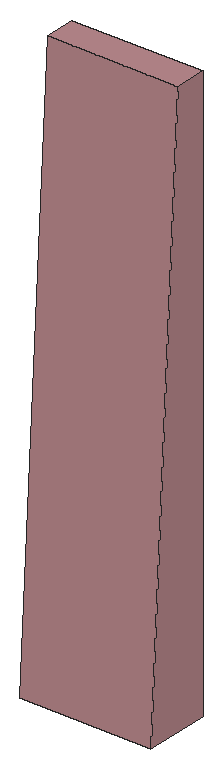
Revit family "Buttress", category 기둥, Revit 2026
Family settings
  로드될 때 보이드를 사용하여 절단 = 아니오
  자동으로 형상을 벽에 결합합니다 = 예
  공유 = 아니오
  평면도에서 미리 절단된 패밀리 표시 = 예
Parameters
  Material Buttress = Masonry Brick
  키노트 = "F10"
  Depth at Top [instance] = 215 mm
  Depth at Base [instance] = 450 mm
  Width [instance] = 900 mm
Reference planes
  plane 1 "Center (Front/Back)": y = 0
  plane 2: z = 0
  plane 3 "Center (Left/Right)": x = 0
  plane 4 "Left": x = -450
  plane 5 "Right": x = 450
  plane 6 "Back": y = 225
  plane 7 "Front": y = -225
  plane 8: y = 10
Forms (mm)
  Blend 1, solid, material "Masonry Brick" <- "Material Buttress"
    base sketch origin (0, 0, 0) x (1, 0, 0) y (0, 1, 0)
      loop
        line (-450, -225) -> (450, -225) -> (450, 225) -> (-450, 225) -> (-450, -225)
    top sketch origin (0, 0, 0) x (1, 0, 0) y (0, 1, 0)
      loop
        line (450, 10) -> (450, 225) -> (-450, 225) -> (-450, 10) -> (450, 10)
    from 0 to 4000
Dimensions and locks
  equal spacing: plane 4 "Left", plane 3 "Center (Left/Right)", plane 5 "Right"
  equal spacing: plane 7 "Front", plane 1 "Center (Front/Back)", plane 6 "Back"
  "Width": plane 4 "Left" to plane 5 "Right"
  "Depth at Base": plane 7 "Front" to plane 6 "Back"
  "Depth at Top": plane 8 to plane 6 "Back"
  aligned and locked: level to Blend 1
  aligned and locked: Blend 1 to level
Automatic sketch dimensions
  Blend 1 sketch curve to plane 4 "Left" = 0 mm  (x2)
  Blend 1 sketch curve to plane 5 "Right" = 0 mm  (x2)
  Blend 1 sketch curve to plane 7 "Front" = 0 mm
  Blend 1 sketch curve to plane 6 "Back" = 0 mm  (x2)
  Blend 1 sketch curve to plane 8 = 0 mm
